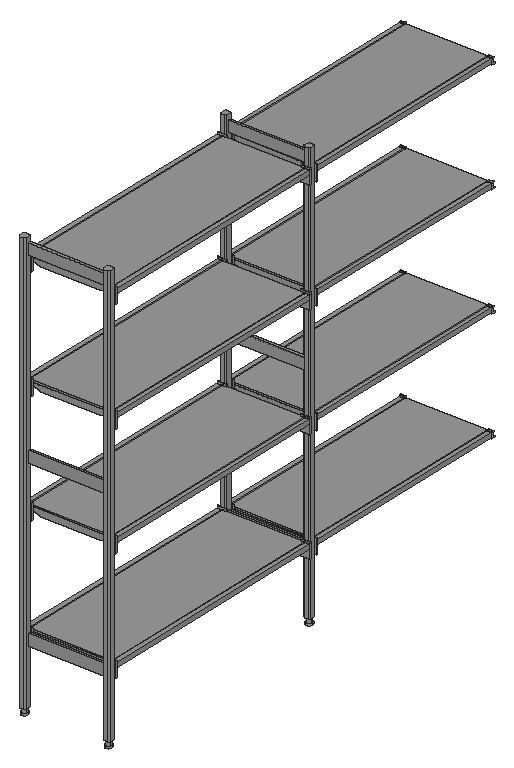
Revit family "QF_ELECTROLUXPROFESSIONAL_137063_ACS1928", category Attrezzature speciali, Revit 2020
Family settings
  Quota connettore circolare = Usa diametro
  Tipo di parte = Normale
  Basato su piano di lavoro = No
  Sempre verticale = Sì
  Taglio con vuoti quando caricato = No
  Condiviso = No
  Punto di calcolo locali = No
Parameters (values of type "Standard")
  Weight = 31.00 kg
  Watts = 0 W
  Volts = 0 V
  URL Manufacturer = "https://www.electroluxprofessional.com/"
  URL = "https://www.electroluxprofessional.com/"
  Steam Supply Size = 0 mm
  Steam Supply Minimum Pressure = 0.0 Pa
  Steam Supply Maximum Pressure = 0.0 Pa
  Steam Consumption per Hour = 0
  Refrigeration Suction Line Size = 0.0 mm
  Refrigeration Liquid Line Size = 0.0 mm
  Refrigerant Compressor Remote = yes
  Prospetto di default = 0.0 mm
  Phase = 0
  Modello = "ACS1928"
  Produttore = "Electrolux Professional"
  Length Actual = 1932.0 mm  # constant formula
  Item Number = "137063"
  Hot Water Size = 0 mm
  Height Actual = 1700.0 mm  # constant formula
  HP = "0 HP"
  Gas Size = 0 mm
  Gas KW = 0
  Gas Input Pressure = 0 W
  Direct Waste Size = 0 mm
  Descrizione = "ALUM.CORNER SHELV.-POLY.TIERS-373X1932MM"
  Depth Actual = 373.0 mm  # constant formula
  Cycle = 0 Hz
  Condensate Return Size = 0 mm
  Compressed Air Volume = 0.0 L/s
  Compressed Air Size = 0 mm
  Compressed Air Pressure = 0.0 Pa
  Cold Water Size = 0 mm
  Accessory = yes
Reference planes
  plane 1: z = 0
  plane 2 "CenterLeft": y = -535.5
  plane 3 "FRONT": y = -921.5
  plane 4 "LEFT": x = 192.5
  plane 5 "RIGHT": x = 565.5
  plane 6 "TOP": z = 1700
  plane 7: y = -889.5
  plane 8: y = 84.5
  plane 9 "Center (Left/Back)": x = 379
  plane 10: x = 205
  plane 11: x = 515
  plane 12 "FEET": z = 25
  plane 13: z = 275
  plane 14: z = 725
  plane 15: z = 1175
  plane 16: z = 1625
  plane 17 "CXLeft": y = -907.5
  plane 18 "Center (Front/Back)": y = 102.5
  plane 19 "CYFront": x = 510
  plane 20: y = 1006.5
  plane 21: y = 120.5
  plane 22 "BACK": y = 1010.5
  plane 23 "LEFT_ORIGIN": x = 158.5
  plane 24 "BACK_ORIGIN": y = 1383.5
Forms (mm)
  Extrusion 1, solid, material "QF_Aluminum"
    sketch origin (38.022, -921.5, -4.006) x (-1, 0, 0) y (0, 0, 1)
      loop
        line (-189.5, 1637.003) -> (-173.5, 1637.003) -> (-173.5, 1655) -> (-175.493, 1655) -> (-175.493, 1648.501) -> (-506.5, 1648.501) -> (-506.5, 1655) -> (-508.5, 1655) -> (-508.5, 1637.003) -> (-492.5, 1637.003) -> (-458.5, 1625) -> (-223.5, 1625) -> (-189.5, 1637.003)
      loop
        line (-189.5, 1187.003) -> (-173.5, 1187.003) -> (-173.5, 1205) -> (-175.493, 1205) -> (-175.493, 1198.501) -> (-506.5, 1198.501) -> (-506.5, 1205) -> (-508.5, 1205) -> (-508.5, 1187.003) -> (-492.5, 1187.003) -> (-458.5, 1175) -> (-223.5, 1175) -> (-189.5, 1187.003)
      loop
        line (-189.5, 737.003) -> (-173.5, 737.003) -> (-173.5, 755) -> (-175.493, 755) -> (-175.493, 748.501) -> (-506.5, 748.501) -> (-506.5, 755) -> (-508.5, 755) -> (-508.5, 737.003) -> (-492.5, 737.003) -> (-458.5, 725) -> (-223.5, 725) -> (-189.5, 737.003)
      loop
        line (-189.5, 287.003) -> (-173.5, 287.003) -> (-173.5, 305) -> (-175.493, 305) -> (-175.493, 298.501) -> (-506.5, 298.501) -> (-506.5, 305) -> (-508.5, 305) -> (-508.5, 287.003) -> (-492.5, 287.003) -> (-458.5, 275) -> (-223.5, 275) -> (-189.5, 287.003)
    from 37 to 32
  Extrusion 2, solid, material "QF_Aluminum"
    sketch origin (38.022, -921.5, 0) x (-1, 0, 0) y (0, 0, 1)
      loop
        line (-154.478, 246.005) -> (-154.478, 307.993) -> (-190.471, 307.993) -> (-190.471, 246.005) -> (-154.478, 246.005)
      loop
        line (-527.478, 246.005) -> (-491.484, 246.005) -> (-491.484, 307.993) -> (-527.478, 307.993) -> (-527.478, 246.005)
      loop
        line (-154.478, 696.005) -> (-154.478, 757.993) -> (-190.471, 757.993) -> (-190.471, 696.005) -> (-154.478, 696.005)
      loop
        line (-527.478, 696.005) -> (-491.484, 696.005) -> (-491.484, 757.993) -> (-527.478, 757.993) -> (-527.478, 696.005)
      loop
        line (-154.478, 1146.005) -> (-154.478, 1207.993) -> (-190.471, 1207.993) -> (-190.471, 1146.005) -> (-154.478, 1146.005)
      loop
        line (-527.478, 1146.005) -> (-491.484, 1146.005) -> (-491.484, 1207.993) -> (-527.478, 1207.993) -> (-527.478, 1146.005)
      loop
        line (-154.478, 1596.005) -> (-154.478, 1657.993) -> (-190.471, 1657.993) -> (-190.471, 1596.005) -> (-154.478, 1596.005)
      loop
        line (-527.478, 1596.005) -> (-491.484, 1596.005) -> (-491.484, 1657.993) -> (-527.478, 1657.993) -> (-527.478, 1596.005)
    from 28 to 32
  Extrusion 3, solid, material "QF_Aluminum"
    sketch origin (38.022, -921.5, 0) x (-1, 0, 0) y (0, 0, 1)
      loop
        line (-154.5, 1650.994) -> (-173.5, 1650.994) -> (-173.5, 1632.998) -> (-154.5, 1632.998) -> (-154.5, 1650.994)
      loop
        line (-154.5, 1200.994) -> (-173.5, 1200.994) -> (-173.5, 1182.998) -> (-154.5, 1182.998) -> (-154.5, 1200.994)
      loop
        line (-154.5, 750.994) -> (-173.5, 750.994) -> (-173.5, 732.998) -> (-154.5, 732.998) -> (-154.5, 750.994)
      loop
        line (-154.5, 300.994) -> (-173.5, 300.994) -> (-173.5, 282.998) -> (-154.5, 282.998) -> (-154.5, 300.994)
      loop
        line (-527.455, 1650.994) -> (-527.455, 1632.998) -> (-508.455, 1632.998) -> (-508.455, 1650.994) -> (-527.455, 1650.994)
      loop
        line (-527.455, 1200.994) -> (-527.455, 1182.998) -> (-508.455, 1182.998) -> (-508.455, 1200.994) -> (-527.455, 1200.994)
      loop
        line (-527.455, 750.994) -> (-527.455, 732.998) -> (-508.455, 732.998) -> (-508.455, 750.994) -> (-527.455, 750.994)
      loop
        line (-527.455, 300.994) -> (-527.455, 282.998) -> (-508.455, 282.998) -> (-508.455, 300.994) -> (-527.455, 300.994)
    from 32 to 1006
  Extrusion 4, solid, material "QF_Polyethylene"
    sketch origin (38.022, -921.5, 0) x (-1, 0, 0) y (0, 0, 1)
      loop
        line (-175.493, 1650.994) -> (-506.5, 1650.994) -> (-506.5, 1644.496) -> (-175.493, 1644.496) -> (-175.493, 1650.994)
      loop
        line (-175.493, 1200.994) -> (-506.5, 1200.994) -> (-506.5, 1194.496) -> (-175.493, 1194.496) -> (-175.493, 1200.994)
      loop
        line (-175.493, 750.994) -> (-506.5, 750.994) -> (-506.5, 744.496) -> (-175.493, 744.496) -> (-175.493, 750.994)
      loop
        line (-175.493, 300.994) -> (-506.5, 300.994) -> (-506.5, 294.496) -> (-175.493, 294.496) -> (-175.493, 300.994)
    from 32 to 1006
  Extrusion 5, solid, material "QF_Aluminum"
    sketch origin (38.022, 684.5, 0) x (-1, 0, 0) y (0, 0, 1)
      loop
        line (-154.5, 1650.994) -> (-173.5, 1650.994) -> (-173.5, 1632.998) -> (-154.5, 1632.998) -> (-154.5, 1650.994)
      loop
        line (-508.5, 1650.994) -> (-527.455, 1650.994) -> (-527.455, 1632.998) -> (-508.5, 1632.998) -> (-508.5, 1650.994)
      loop
        line (-154.5, 1200.994) -> (-173.5, 1200.994) -> (-173.5, 1182.998) -> (-154.5, 1182.998) -> (-154.5, 1200.994)
      loop
        line (-508.5, 1200.994) -> (-527.455, 1200.994) -> (-527.455, 1182.998) -> (-508.5, 1182.998) -> (-508.5, 1200.994)
      loop
        line (-154.5, 750.994) -> (-173.5, 750.994) -> (-173.5, 732.998) -> (-154.5, 732.998) -> (-154.5, 750.994)
      loop
        line (-508.5, 750.994) -> (-527.455, 750.994) -> (-527.455, 732.998) -> (-508.5, 732.998) -> (-508.5, 750.994)
      loop
        line (-154.5, 300.994) -> (-173.5, 300.994) -> (-173.5, 282.998) -> (-154.5, 282.998) -> (-154.5, 300.994)
      loop
        line (-508.5, 300.994) -> (-527.455, 300.994) -> (-527.455, 282.998) -> (-508.5, 282.998) -> (-508.5, 300.994)
    from 322 to -564
  Extrusion 6, solid, material "QF_Polyethylene"
    sketch origin (38.022, 684.5, 0) x (-1, 0, 0) y (0, 0, 1)
      loop
        line (-175.493, 1650.994) -> (-506.5, 1650.994) -> (-506.5, 1644.496) -> (-175.493, 1644.496) -> (-175.493, 1650.994)
      loop
        line (-175.493, 1200.994) -> (-506.5, 1200.994) -> (-506.5, 1194.496) -> (-175.493, 1194.496) -> (-175.493, 1200.994)
      loop
        line (-175.493, 750.994) -> (-506.5, 750.994) -> (-506.5, 744.496) -> (-175.493, 744.496) -> (-175.493, 750.994)
      loop
        line (-175.493, 300.994) -> (-506.5, 300.994) -> (-506.5, 294.496) -> (-175.493, 294.496) -> (-175.493, 300.994)
    from 322 to -564
Lines and regions (mm)
  symbolic lines
    curve 1: line (205, -912.5, 1700) -> (515, -912.5, 1700)
    curve 2: line (515, -902.5, 1700) -> (205, -902.5, 1700)
    curve 3: line (192.5, -893.5, 1700) -> (192.5, 88.5, 1700)
    curve 4: line (565.5, -889.5, 1700) -> (565.5, 84.5, 1700)
    curve 5: line (192.5, 116.5, 1700) -> (192.5, 1010.5, 1700)
    curve 6: line (565.5, 116.5, 1700) -> (565.5, 1010.5, 1700)
    curve 7: line (211.522, 1006.5, 1700) -> (510.507, 1006.5, 1700)
    curve 8: line (211.522, 84.5, 1700) -> (510.507, 84.5, 1700)
    curve 9: line (510.507, 120.5, 1700) -> (211.522, 120.5, 1700)
    curve 10: line (211.522, -889.5, 1700) -> (510.507, -889.5, 1700)
    curve 11: line (211.522, -889.5, 1700) -> (211.522, 84.5, 1700)
    curve 12: line (546.478, 84.5, 1700) -> (546.478, -889.5, 1700)
    curve 13: line (211.522, 120.5, 1700) -> (211.522, 1006.5, 1700)
    curve 14: line (546.522, 652.5, 1700) -> (546.522, -145.5, 1700)
Dimensions and locks
  plane 3 "FRONT" to plane 2 "CenterLeft" = 386.0 mm
  locked: plane 6 "TOP" to level at 1700
  locked: plane 7 to plane 8 at 974
  locked: plane 10 to plane 11 at 310
  plane 10 to plane 9 "Center (Left/Back)" to plane 11 = 174.0 mm, 136.0 mm
  equal spacing: plane 4 "LEFT", plane 9 "Center (Left/Back)", plane 5 "RIGHT"
  plane 12 "FEET" to level = 25.0 mm
  plane 6 "TOP" to plane 12 "FEET" = 1675.0 mm
  plane 13 to plane 12 "FEET" = 250.0 mm
  plane 14 to plane 13 = 450.0 mm
  plane 15 to plane 14 = 450.0 mm
  plane 16 to plane 15 = 450.0 mm
  plane 19 "CYFront" to Extrusion 1 sketch curve = 34.522 mm
  locked: plane 21 to plane 20 at 886
  locked: plane 8 to plane 18 "Center (Front/Back)" at 18
  locked: plane 18 "Center (Front/Back)" to plane 21 at 18
  locked: plane 3 "FRONT" to plane 7 at 32
  locked: plane 4 "LEFT" to plane 5 "RIGHT" at 373
  locked: plane 23 "LEFT_ORIGIN" to plane 5 "RIGHT" at 407
  locked: plane 22 "BACK" to plane 24 "BACK_ORIGIN" at 373
  locked: plane 22 "BACK" to plane 3 "FRONT" at 1932
  aligned and locked: level to plane 1
  aligned and locked: Extrusion 1 to plane 7
  aligned and locked: plane 7 to Extrusion 2
  aligned and locked: Extrusion 4 to plane 7
  aligned and locked: plane 8 to Extrusion 4
  aligned and locked: Extrusion 3 to plane 7
  aligned and locked: plane 8 to Extrusion 3
  aligned and locked: Extrusion 1 sketch curve to Extrusion 1 sketch curve  (x3)
  aligned and locked: Extrusion 4 sketch curve to Extrusion 1  (x4)
  aligned and locked: Extrusion 5 sketch curve to Extrusion 5 sketch curve  (x2)
  aligned and locked: Extrusion 5 to plane 21  (x5)
  aligned and locked: Extrusion 6 to plane 21  (x5)
  aligned and locked: nested 2 to plane 18 "Center (Front/Back)"
  aligned and locked: nested 1 to plane 17 "CXLeft"
  aligned and locked: plane 7 to Extrusion 3  (x3)
  aligned and locked: Extrusion 3 to plane 8  (x4)
  aligned and locked: Extrusion 4 to plane 8  (x4)
  aligned and locked: plane 20 to Extrusion 5
  aligned and locked: plane 20 to Extrusion 6
  aligned and locked: Extrusion 5 to plane 20  (x3)
  aligned and locked: Extrusion 6 to plane 20  (x3)
  aligned and locked: plane 9 "Center (Left/Back)" to nested 2
  aligned and locked: nested 3 to plane 22 "BACK"
Automatic sketch dimensions
  curve 1 to plane 10 = 0.0 mm
  curve 1 to plane 11 = 0.0 mm
  curve 2 to plane 10 = 0.0 mm
  curve 2 to plane 11 = 0.0 mm
  curve 3 to plane 4 "LEFT" = 0.0 mm
  plane 7 to curve 10 = 0.0 mm
  curve 4 to plane 5 "RIGHT" = 0.0 mm
  plane 7 to curve 4 = 0.0 mm
  plane 8 to curve 8 = 0.0 mm
  plane 8 to curve 4 = 0.0 mm
  curve 6 to plane 5 "RIGHT" = 0.0 mm
  curve 5 to plane 4 "LEFT" = 0.0 mm
  curve 9 to plane 21 = 0.0 mm
  plane 20 to curve 7 = 0.0 mm
  plane 7 to curve 3 = 4.0 mm
  plane 17 "CXLeft" to curve 2 = 5.0 mm
  curve 1 to plane 17 "CXLeft" = 5.0 mm
  curve 3 to plane 8 = 4.0 mm
  curve 6 to plane 21 = 4.0 mm
  curve 5 to plane 21 = 4.0 mm
  curve 6 to plane 20 = 4.0 mm
  curve 5 to plane 20 = 4.0 mm
  plane 11 to curve 10 = 4.493 mm
  plane 11 to curve 9 = 4.493 mm
  plane 11 to curve 8 = 4.493 mm
  plane 11 to curve 7 = 4.493 mm
  curve 8 to plane 10 = 6.522 mm
  curve 7 to plane 10 = 6.522 mm
  Extrusion 1 sketch curve to plane 19 "CYFront" = 36.522 mm  (x4)
  Extrusion 1 sketch curve to plane 11 = 15.522 mm  (x4)
  Extrusion 1 sketch curve to plane 13 = 4.006 mm
  Extrusion 1 sketch curve to Extrusion 1 sketch curve = 34.0 mm  (x4)
  Extrusion 1 sketch curve to plane 14 = 4.006 mm
  Extrusion 1 sketch curve to plane 15 = 4.006 mm
  Extrusion 1 sketch curve to plane 16 = 4.006 mm
  Extrusion 1 sketch curve to plane 10 = 56.522 mm  (x4)
  Extrusion 1 sketch curve to plane 10 = 22.522 mm  (x4)
  plane 13 to Extrusion 1 sketch curve = 7.998 mm  (x2)
  Extrusion 1 sketch curve to Extrusion 1 sketch curve = 11.498 mm  (x4)
  Extrusion 1 sketch curve to Extrusion 1 sketch curve = 6.499 mm  (x8)
  plane 14 to Extrusion 1 sketch curve = 7.998 mm  (x2)
  plane 15 to Extrusion 1 sketch curve = 7.998 mm  (x2)
  plane 16 to Extrusion 1 sketch curve = 7.998 mm  (x2)
  Extrusion 2 sketch curve to plane 5 "RIGHT" = 0.0 mm  (x4)
  Extrusion 2 sketch curve to plane 4 "LEFT" = 0.0 mm  (x4)
  Extrusion 2 sketch curve to plane 11 = 14.507 mm  (x4)
  Extrusion 2 sketch curve to plane 10 = 23.493 mm  (x4)
  Extrusion 2 sketch curve to plane 13 = 28.995 mm  (x2)
  plane 13 to Extrusion 2 sketch curve = 32.993 mm  (x2)
  Extrusion 2 sketch curve to plane 14 = 28.995 mm  (x2)
  plane 14 to Extrusion 2 sketch curve = 32.993 mm  (x2)
  Extrusion 2 sketch curve to plane 15 = 28.995 mm  (x2)
  plane 15 to Extrusion 2 sketch curve = 32.993 mm  (x2)
  Extrusion 2 sketch curve to plane 16 = 28.995 mm  (x2)
  plane 16 to Extrusion 2 sketch curve = 32.993 mm  (x2)
  plane 13 to Extrusion 4 sketch curve = 19.496 mm
  Extrusion 4 sketch curve to Extrusion 4 sketch curve = 6.499 mm  (x4)
  plane 14 to Extrusion 4 sketch curve = 19.496 mm
  plane 15 to Extrusion 4 sketch curve = 19.496 mm
  plane 16 to Extrusion 4 sketch curve = 19.496 mm
  plane 5 "RIGHT" to Extrusion 5 sketch curve = 0.022 mm  (x4)
  Extrusion 5 sketch curve to plane 4 "LEFT" = 19.022 mm  (x4)
  Extrusion 5 sketch curve to plane 19 "CYFront" = 36.522 mm  (x2)
  plane 13 to Extrusion 5 sketch curve = 7.998 mm  (x2)
  Extrusion 5 sketch curve to Extrusion 5 sketch curve = 17.997 mm  (x8)
  plane 14 to Extrusion 5 sketch curve = 7.998 mm  (x2)
  plane 15 to Extrusion 5 sketch curve = 7.998 mm  (x2)
  plane 16 to Extrusion 5 sketch curve = 7.998 mm  (x2)
  Extrusion 6 sketch curve to plane 19 "CYFront" = 34.522 mm  (x4)
  plane 13 to Extrusion 6 sketch curve = 19.496 mm
  Extrusion 6 sketch curve to Extrusion 6 sketch curve = 6.499 mm  (x4)
  plane 14 to Extrusion 6 sketch curve = 19.496 mm
  plane 15 to Extrusion 6 sketch curve = 19.496 mm
  plane 16 to Extrusion 6 sketch curve = 19.496 mm
  plane 5 "RIGHT" to Extrusion 3 sketch curve = 0.022 mm  (x4)
  Extrusion 3 sketch curve to Extrusion 3 sketch curve = 19.0 mm  (x4)
  plane 14 to Extrusion 3 sketch curve = 7.998 mm  (x2)
  Extrusion 3 sketch curve to plane 10 = 6.522 mm  (x4)
  Extrusion 3 sketch curve to plane 4 "LEFT" = 0.022 mm  (x4)
  plane 13 to Extrusion 3 sketch curve = 25.994 mm  (x2)
  plane 13 to Extrusion 3 sketch curve = 7.998 mm  (x2)
  Extrusion 3 sketch curve to Extrusion 3 sketch curve = 17.997 mm  (x6)
  plane 15 to Extrusion 3 sketch curve = 7.998 mm  (x2)
  plane 16 to Extrusion 3 sketch curve = 7.998 mm  (x2)
  plane 7 to curve 12 = 0.0 mm
  plane 8 to curve 12 = 0.0 mm
  curve 4 to curve 12 = 19.022 mm
  Extrusion 1 sketch curve to plane 10 = 8.516 mm  (x4)
  Extrusion 1 sketch curve to plane 10 = 6.522 mm  (x2)
  Extrusion 1 sketch curve to Extrusion 1 sketch curve = 1.993 mm  (x2)
  Extrusion 4 sketch curve to plane 10 = 8.516 mm  (x4)
  Extrusion 5 sketch curve to plane 4 "LEFT" = 0.022 mm  (x4)
  Extrusion 6 sketch curve to plane 10 = 8.516 mm  (x4)
Nested families
  nested 1: "WT_Anta373" at (215.5, -504.5, 0) x (0, 1, 0) z (0, 0, 1), type "WT_Anta373"
  nested 2: "WT_Anta373Center" at (215.5, 505.5, 0) x (0, 1, 0) z (0, 0, 1), type "WT_Anta373Center"
  nested 3: "WT_Aggancio373" at (215.5, 1418.5, 0) x (0, 1, 0) z (0, 0, 1), type "WT_Aggancio373"
Definition of nested family "WT_Anta373"
  Parameters
    WidthLeft = A + 64.0 mm  # 772.0 mm
    Width = 1606.0 mm
    Right = WidthLeft / 2  # 386.0 mm
    Default Elevation = 0.0 mm
    Left = -WidthLeft / 2  # -386.0 mm
    Height = 1725.0 mm
    FEET = 25.0 mm
    E = 0.0 mm
    Dint = Depth - 63.0 mm  # 310.0 mm
    Dext = Depth - 8.0 mm  # 365.0 mm
    Depth = 373.0 mm
    DX = (WidthLeft - A) / 2  # 32.0 mm
    B = 798.0 mm
    A = 708.0 mm
  Reference planes
    plane 1: z = 0
    plane 2 "LEFT": x = -417
    plane 3 "BACK": y = 23
    plane 4 "FRONT": y = -350
    plane 5 "TOP": z = 1725
    plane 6 "Center (Front/Back)": y = -163.5
    plane 7: y = -8.5
    plane 8: y = -318.5
    plane 9 "FEET": z = 25
    plane 10: z = 275
    plane 11: z = 725
    plane 12: z = 1175
    plane 13: z = 1625
    plane 14 "CXLeft": x = -403
    plane 15: y = 5.5
    plane 16 "CYBack": y = 5.5
    plane 17 "CYFront": y = -332.5
    plane 18: x = -385.031
    plane 19: x = -380.031
  Forms (mm)
    Extrusion 1, solid
      sketch origin (0, 0, 0) x (1, 0, 0) y (0, 1, 0)
        loop
          line (-417, 13.246) -> (-417, -2.246) -> (-410.746, -8.5) -> (-395.254, -8.5) -> (-389, -2.246) -> (-389, 13.246) -> (-395.254, 19.5) -> (-410.746, 19.5) -> (-417, 13.246)
      from 1725 to 25
    Extrusion 2, solid
      sketch origin (-417, 0, 0) x (0, 1, 0) y (0, 0, 1)
        loop
          line (23, 246.005) -> (23, 307.993) -> (-12.993, 307.993) -> (-12.993, 246.005) -> (23, 246.005)
        loop
          line (-350, 246.005) -> (-314.007, 246.005) -> (-314.007, 307.993) -> (-350, 307.993) -> (-350, 246.005)
        loop
          line (23, 696.005) -> (23, 757.993) -> (-12.993, 757.993) -> (-12.993, 696.005) -> (23, 696.005)
        loop
          line (-350, 696.005) -> (-314.007, 696.005) -> (-314.007, 757.993) -> (-350, 757.993) -> (-350, 696.005)
        loop
          line (23, 1146.005) -> (23, 1207.993) -> (-12.993, 1207.993) -> (-12.993, 1146.005) -> (23, 1146.005)
        loop
          line (-350, 1146.005) -> (-314.007, 1146.005) -> (-314.007, 1207.993) -> (-350, 1207.993) -> (-350, 1146.005)
        loop
          line (23, 1596.005) -> (23, 1657.993) -> (-12.993, 1657.993) -> (-12.993, 1596.005) -> (23, 1596.005)
        loop
          line (-350, 1596.005) -> (-314.007, 1596.005) -> (-314.007, 1657.993) -> (-350, 1657.993) -> (-350, 1596.005)
      from 28 to 32
    Revolve 3, solid
      sketch origin (-403, 0, 0) x (0, 1, 0) y (0, 0, 1)
        loop
          line (5.5, 25) -> (5.5, 0) -> (19, 0) -> (19, 5) -> (14, 5) -> (14, 25) -> (5.5, 25)
        axis (5.5, 25) -> (5.5, 0)
      angle from 0 to 360
    Extrusion 4, solid
      sketch origin (-403, 0, 0) x (0, 1, 0) y (0, 0, 1)
        loop
          line (-8.5, 912.382) -> (-8.5, 957.374) -> (-318.5, 957.374) -> (-318.5, 912.382) -> (-8.5, 912.382)
        loop
          line (-8.5, 1662.244) -> (-8.5, 1707.236) -> (-318.5, 1707.236) -> (-318.5, 1662.244) -> (-8.5, 1662.244)
      from -5 to 5
    Revolve 5, solid
      sketch origin (-403, -627, 0) x (0, -1, 0) y (0, 0, 1)
        loop
          line (-294.5, 25) -> (-294.5, 0) -> (-281, 0) -> (-281, 5) -> (-286, 5) -> (-286, 25) -> (-294.5, 25)
        axis (-294.5, 25) -> (-294.5, 0)
      angle from 0 to 360
    Extrusion 6, solid
      sketch origin (0, -627, 0) x (1, 0, 0) y (0, 1, 0)
        loop
          line (-417, 286.754) -> (-410.746, 280.5) -> (-395.254, 280.5) -> (-389, 286.754) -> (-389, 302.246) -> (-395.254, 308.5) -> (-410.746, 308.5) -> (-417, 302.246) -> (-417, 286.754)
      from 1725 to 25
    Extrusion 7, solid
      sketch origin (-417.031, -0.022, 0) x (0, 1, 0) y (0, 0, -1)
        loop
          line (-12, -1632.998) -> (-46, -1620.994) -> (-281, -1620.994) -> (-315, -1632.998) -> (-331, -1632.998) -> (-331, -1650.994) -> (-329, -1650.994) -> (-329, -1644.496) -> (2.007, -1644.496) -> (2.007, -1650.994) -> (4, -1650.994) -> (4, -1632.998) -> (-12, -1632.998)
        loop
          line (-12, -1182.998) -> (-46, -1170.994) -> (-281, -1170.994) -> (-315, -1182.998) -> (-331, -1182.998) -> (-331, -1200.994) -> (-329, -1200.994) -> (-329, -1194.496) -> (2.007, -1194.496) -> (2.007, -1200.994) -> (4, -1200.994) -> (4, -1182.998) -> (-12, -1182.998)
        loop
          line (-12, -732.998) -> (-46, -720.994) -> (-281, -720.994) -> (-315, -732.998) -> (-331, -732.998) -> (-331, -750.994) -> (-329, -750.994) -> (-329, -744.496) -> (2.007, -744.496) -> (2.007, -750.994) -> (4, -750.994) -> (4, -732.998) -> (-12, -732.998)
        loop
          line (-12, -282.998) -> (-46, -270.994) -> (-281, -270.994) -> (-315, -282.998) -> (-331, -282.998) -> (-331, -300.994) -> (-329, -300.994) -> (-329, -294.496) -> (2.007, -294.496) -> (2.007, -300.994) -> (4, -300.994) -> (4, -282.998) -> (-12, -282.998)
      from -32 to -37
    Extrusion 8, solid
      sketch origin (-403, 0, -659.878) x (0, 1, 0) y (0, 0, 1)
        loop
          line (-8.5, 912.382) -> (-8.5, 957.374) -> (-318.5, 957.374) -> (-318.5, 912.382) -> (-8.5, 912.382)
        loop
          line (-8.5, 1572.382) -> (-8.5, 1617.374) -> (-318.5, 1617.374) -> (-318.5, 1572.382) -> (-8.5, 1572.382)
        loop
          line (-8.5, 2322.382) -> (-8.5, 2367.374) -> (-318.5, 2367.374) -> (-318.5, 2322.382) -> (-8.5, 2322.382)
      from -5 to 5
  Lines and regions (mm)
    symbolic lines
      curve 1: line (-408, -8.5, 1725) -> (-408, -318.5, 1725)
      curve 2: line (-398, -318.5, 1725) -> (-398, -8.5, 1725)
      curve 3: line (-395.254, -8.5, 1725) -> (-410.746, -8.5, 1725)
      curve 4: line (-417, -2.246, 1725) -> (-410.746, -8.5, 1725)
      curve 5: line (-417, 13.246, 1725) -> (-417, -2.246, 1725)
      curve 6: line (-410.746, 19.5, 1725) -> (-417, 13.246, 1725)
      curve 7: line (-395.254, 19.5, 1725) -> (-410.746, 19.5, 1725)
      curve 8: line (-389, 13.246, 1725) -> (-395.254, 19.5, 1725)
      curve 9: line (-395.254, -8.5, 1725) -> (-389, -2.246, 1725)
      curve 10: line (-395.254, -318.5, 1725) -> (-410.746, -318.5, 1725)
      curve 11: line (-417, -324.754, 1725) -> (-410.746, -318.5, 1725)
      curve 12: line (-410.746, -346.5, 1725) -> (-417, -340.246, 1725)
      curve 13: line (-395.254, -346.5, 1725) -> (-410.746, -346.5, 1725)
      curve 14: line (-389, -340.246, 1725) -> (-395.254, -346.5, 1725)
      curve 15: line (-395.254, -318.5, 1725) -> (-389, -324.754, 1725)
      curve 16: line (-389, -350, 1725) -> (-389, -314.007, 1725)
      curve 17: line (-389, -314.007, 1725) -> (-385, -314.007, 1725)
      curve 18: line (-389, 23, 1725) -> (-389, -12.993, 1725)
      curve 19: line (-389, -12.993, 1725) -> (-385, -12.993, 1725)
      curve 20: line (-417, -324.754, 1725) -> (-417, -340.246, 1725)
      curve 21: line (-385, -350, 1725) -> (-385, -314.007, 1725)
      curve 22: line (-385, -350, 1725) -> (-389, -350, 1725)
      curve 23: line (-385, 23, 1725) -> (-389, 23, 1725)
      curve 24: line (-385, -12.993, 1725) -> (-385, 23, 1725)
      curve 25: line (-385.031, -13.016, 1725) -> (-385.031, -314.029, 1725)
  Dimensions and locks
    "Height": plane 5 "TOP" to level
    "Depth": plane 3 "BACK" to plane 4 "FRONT"
    "Dint": plane 7 to plane 8
    equal spacing: plane 7, plane 6 "Center (Front/Back)", plane 8
    equal spacing: plane 3 "BACK", plane 6 "Center (Front/Back)", plane 4 "FRONT"
    plane 9 "FEET" to level = 25.0 mm
    plane 5 "TOP" to plane 9 "FEET" = 1700.0 mm
    plane 10 to plane 9 "FEET" = 250.0 mm
    plane 11 to plane 10 = 450.0 mm
    plane 12 to plane 11 = 450.0 mm
    plane 13 to plane 12 = 450.0 mm
    locked: plane 2 "LEFT" to plane 14 "CXLeft" at 14
    locked: plane 3 "BACK" to plane 16 "CYBack" at 17.5
    locked: plane 17 "CYFront" to plane 4 "FRONT" at 17.5
    locked: Revolve 3 sketch curve to Revolve 3 sketch curve at 8.5
    locked: Revolve 3 sketch curve to plane 16 "CYBack" at 13.5
    locked: Revolve 5 sketch curve to Revolve 5 sketch curve at 8.5
    aligned and locked: level to plane 1
    aligned and locked: curve 20 to Extrusion 6
    aligned and locked: plane 5 "TOP" to Extrusion 1
    aligned and locked: plane 5 "TOP" to Extrusion 6
    aligned and locked: Extrusion 7 sketch curve to Extrusion 7 sketch curve  (x3)
  Automatic sketch dimensions
    curve 16 to plane 4 "FRONT" = 0.0 mm
    curve 11 to plane 8 = 0.0 mm
    curve 9 to plane 7 = 0.0 mm
    curve 5 to plane 2 "LEFT" = 0.0 mm
    curve 23 to plane 3 "BACK" = 0.0 mm
    plane 4 "FRONT" to curve 13 = 3.5 mm
    curve 20 to plane 17 "CYFront" = 7.746 mm
    curve 20 to plane 8 = 6.254 mm
    plane 8 to curve 16 = 4.493 mm
    curve 24 to plane 18 = 0.031 mm
    curve 24 to plane 7 = 4.493 mm
    plane 7 to curve 5 = 6.254 mm
    curve 5 to plane 15 = 7.746 mm
    curve 6 to plane 3 "BACK" = 3.5 mm
    curve 21 to plane 18 = 0.031 mm
    plane 18 to curve 23 = 3.969 mm
    plane 18 to curve 16 = 3.969 mm
    curve 18 to curve 8 = 6.254 mm
    curve 18 to curve 3 = 6.254 mm
    curve 16 to curve 13 = 6.254 mm
    curve 16 to curve 15 = 6.254 mm
    plane 2 "LEFT" to curve 10 = 6.254 mm
    plane 2 "LEFT" to curve 7 = 6.254 mm
    plane 2 "LEFT" to curve 12 = 6.254 mm
    plane 2 "LEFT" to curve 3 = 6.254 mm
    curve 14 to plane 17 "CYFront" = 7.746 mm
    curve 15 to plane 8 = 6.254 mm
    plane 7 to curve 9 = 6.254 mm
    curve 8 to plane 15 = 7.746 mm
    curve 3 to curve 2 = 2.746 mm
    curve 1 to curve 10 = 2.746 mm
    Extrusion 1 sketch curve to plane 2 "LEFT" = 0.0 mm
    Extrusion 1 sketch curve to plane 7 = 0.0 mm
    plane 2 "LEFT" to Extrusion 1 sketch curve = 6.254 mm  (x2)
    plane 14 "CXLeft" to Extrusion 1 sketch curve = 7.746 mm  (x2)
    Extrusion 1 sketch curve to plane 3 "BACK" = 3.5 mm
    plane 18 to Extrusion 1 sketch curve = 3.969 mm
    plane 7 to Extrusion 1 sketch curve = 6.254 mm  (x2)
    Extrusion 1 sketch curve to plane 15 = 7.746 mm  (x2)
    Extrusion 2 sketch curve to plane 4 "FRONT" = 0.0 mm  (x4)
    Extrusion 2 sketch curve to plane 3 "BACK" = 0.0 mm  (x4)
    plane 8 to Extrusion 2 sketch curve = 4.493 mm  (x4)
    Extrusion 2 sketch curve to plane 7 = 4.493 mm  (x4)
    Extrusion 2 sketch curve to plane 10 = 28.995 mm  (x2)
    plane 10 to Extrusion 2 sketch curve = 32.993 mm  (x2)
    Extrusion 2 sketch curve to plane 11 = 28.995 mm  (x2)
    plane 11 to Extrusion 2 sketch curve = 32.993 mm  (x2)
    Extrusion 2 sketch curve to plane 12 = 28.995 mm  (x2)
    plane 12 to Extrusion 2 sketch curve = 32.993 mm  (x2)
    Extrusion 2 sketch curve to plane 13 = 28.995 mm  (x2)
    plane 13 to Extrusion 2 sketch curve = 32.993 mm  (x2)
    Revolve 3 sketch curve to plane 9 "FEET" = 0.0 mm  (x2)
    Revolve 3 sketch curve to plane 15 = 0.0 mm  (x2)
    Revolve 3 sketch curve to level = 0.0 mm
    level to Revolve 3 sketch curve = 5.0 mm
    Revolve 3 sketch curve to Revolve 3 sketch curve = 11.655 mm
    Extrusion 4 sketch curve to plane 8 = 0.0 mm  (x2)
    Extrusion 4 sketch curve to plane 7 = 0.0 mm  (x2)
    plane 11 to Extrusion 4 sketch curve = 187.382 mm
    Extrusion 4 sketch curve to Extrusion 4 sketch curve = 44.992 mm
    plane 13 to Extrusion 4 sketch curve = 37.244 mm
    Extrusion 4 sketch curve to plane 5 "TOP" = 17.764 mm
    Revolve 5 sketch curve to plane 9 "FEET" = 0.0 mm  (x2)
    Revolve 5 sketch curve to plane 17 "CYFront" = 0.0 mm  (x2)
    Revolve 5 sketch curve to level = 0.0 mm
    Revolve 5 sketch curve to plane 4 "FRONT" = 4.0 mm
    Revolve 5 sketch curve to Revolve 5 sketch curve = 5.0 mm
    level to Revolve 5 sketch curve = 11.655 mm
    Extrusion 6 sketch curve to plane 2 "LEFT" = 0.0 mm
    Extrusion 6 sketch curve to plane 8 = 0.0 mm
    Extrusion 6 sketch curve to plane 2 "LEFT" = 6.254 mm  (x2)
    Extrusion 6 sketch curve to plane 14 "CXLeft" = 7.746 mm  (x2)
    Extrusion 6 sketch curve to plane 4 "FRONT" = 3.5 mm
    Extrusion 6 sketch curve to plane 18 = 3.969 mm
    plane 8 to Extrusion 6 sketch curve = 6.254 mm  (x2)
    plane 17 "CYFront" to Extrusion 6 sketch curve = 7.746 mm  (x2)
    plane 17 "CYFront" to Extrusion 7 sketch curve = 1.478 mm  (x4)
    Extrusion 7 sketch curve to Extrusion 7 sketch curve = 2.0 mm
    plane 8 to Extrusion 7 sketch curve = 3.478 mm  (x4)
    Extrusion 7 sketch curve to plane 10 = 4.006 mm
    Extrusion 7 sketch curve to Extrusion 7 sketch curve = 34.0 mm  (x4)
    Extrusion 7 sketch curve to plane 11 = 4.006 mm
    Extrusion 7 sketch curve to plane 12 = 4.006 mm
    Extrusion 7 sketch curve to plane 13 = 4.006 mm
    Extrusion 7 sketch curve to plane 7 = 37.522 mm  (x4)
    Extrusion 7 sketch curve to plane 7 = 3.522 mm  (x4)
    plane 15 to Extrusion 7 sketch curve = 3.516 mm  (x4)
    plane 15 to Extrusion 7 sketch curve = 1.522 mm  (x4)
    plane 13 to Extrusion 7 sketch curve = 7.998 mm  (x2)
    Extrusion 7 sketch curve to Extrusion 7 sketch curve = 11.498 mm
    Extrusion 7 sketch curve to Extrusion 7 sketch curve = 6.499 mm  (x5)
    plane 12 to Extrusion 7 sketch curve = 25.994 mm  (x2)
    plane 12 to Extrusion 7 sketch curve = 7.998 mm  (x2)
    plane 11 to Extrusion 7 sketch curve = 25.994 mm  (x2)
    plane 11 to Extrusion 7 sketch curve = 7.998 mm  (x2)
    plane 10 to Extrusion 7 sketch curve = 25.994 mm  (x2)
    plane 10 to Extrusion 7 sketch curve = 7.998 mm  (x2)
    curve 25 to plane 18 = 0.0 mm
    plane 8 to curve 25 = 4.471 mm
    curve 25 to plane 7 = 4.516 mm
    Extrusion 8 sketch curve to plane 8 = 0.0 mm  (x3)
    Extrusion 8 sketch curve to plane 7 = 0.0 mm  (x3)
    Extrusion 8 sketch curve to plane 10 = 22.496 mm
    plane 10 to Extrusion 8 sketch curve = 22.496 mm
    plane 11 to Extrusion 8 sketch curve = 187.504 mm
    Extrusion 8 sketch curve to Extrusion 8 sketch curve = 44.992 mm
    plane 13 to Extrusion 8 sketch curve = 37.504 mm
    Extrusion 8 sketch curve to plane 5 "TOP" = 17.504 mm
Definition of nested family "WT_Anta373Center"
  Parameters
    WidthLeft = A + 64.0 mm  # 772.0 mm
    Width = 1606.0 mm
    Right = WidthLeft / 2  # 386.0 mm
    Default Elevation = 0.0 mm
    Left = -WidthLeft / 2  # -386.0 mm
    Height = 1725.0 mm
    FEET = 25.0 mm
    E = 0.0 mm
    Dint = Depth - 63.0 mm  # 310.0 mm
    Dext = Depth - 8.0 mm  # 365.0 mm
    Depth = 373.0 mm
    DX = (WidthLeft - A) / 2  # 32.0 mm
    B = 798.0 mm
    A = 708.0 mm
  Reference planes
    plane 1: z = 0
    plane 2 "L": x = -417
    plane 3 "BACK": y = 23
    plane 4 "FRONT": y = -350
    plane 5 "TOP": z = 1725
    plane 6 "Center (Front/Back)": y = -163.5
    plane 7: y = -8.5
    plane 8: y = -318.5
    plane 9 "FEET": z = 25
    plane 10: z = 275
    plane 11: z = 725
    plane 12: z = 1175
    plane 13: z = 1625
    plane 14 "CXLeft": x = -403
    plane 15: y = 5.5
    plane 16 "CYBack": y = 5.5
    plane 17 "CYFront": y = -332.5
    plane 18: x = -385.031
    plane 19 "RIGHT": x = -380.031
    plane 20: x = -420.969
    plane 21 "LEFT": x = -425.969
  Forms (mm)
    Extrusion 1, solid
      sketch origin (0, 0, 0) x (1, 0, 0) y (0, 1, 0)
        loop
          line (-417, 13.246) -> (-417, -2.246) -> (-410.746, -8.5) -> (-395.254, -8.5) -> (-389, -2.246) -> (-389, 13.246) -> (-395.254, 19.5) -> (-410.746, 19.5) -> (-417, 13.246)
      from 1725 to 25
    Extrusion 2, solid
      sketch origin (-417, 0, 0) x (0, 1, 0) y (0, 0, 1)
        loop
          line (23, 246.005) -> (23, 307.993) -> (-12.993, 307.993) -> (-12.993, 246.005) -> (23, 246.005)
        loop
          line (-350, 246.005) -> (-314.007, 246.005) -> (-314.007, 307.993) -> (-350, 307.993) -> (-350, 246.005)
        loop
          line (23, 696.005) -> (23, 757.993) -> (-12.993, 757.993) -> (-12.993, 696.005) -> (23, 696.005)
        loop
          line (-350, 696.005) -> (-314.007, 696.005) -> (-314.007, 757.993) -> (-350, 757.993) -> (-350, 696.005)
        loop
          line (23, 1146.005) -> (23, 1207.993) -> (-12.993, 1207.993) -> (-12.993, 1146.005) -> (23, 1146.005)
        loop
          line (-350, 1146.005) -> (-314.007, 1146.005) -> (-314.007, 1207.993) -> (-350, 1207.993) -> (-350, 1146.005)
        loop
          line (23, 1596.005) -> (23, 1657.993) -> (-12.993, 1657.993) -> (-12.993, 1596.005) -> (23, 1596.005)
        loop
          line (-350, 1596.005) -> (-314.007, 1596.005) -> (-314.007, 1657.993) -> (-350, 1657.993) -> (-350, 1596.005)
      from 28 to 32
    Revolve 3, solid
      sketch origin (-403, 0, 0) x (0, 1, 0) y (0, 0, 1)
        loop
          line (5.5, 25) -> (5.5, 0) -> (19, 0) -> (19, 5) -> (14, 5) -> (14, 25) -> (5.5, 25)
        axis (5.5, 25) -> (5.5, 0)
      angle from 0 to 360
    Extrusion 4, solid
      sketch origin (-403, 0, 0) x (0, 1, 0) y (0, 0, 1)
        loop
          line (-8.5, 912.382) -> (-8.5, 957.374) -> (-318.5, 957.374) -> (-318.5, 912.382) -> (-8.5, 912.382)
        loop
          line (-8.5, 1662.244) -> (-8.5, 1707.236) -> (-318.5, 1707.236) -> (-318.5, 1662.244) -> (-8.5, 1662.244)
      from -5 to 5
    Revolve 5, solid
      sketch origin (-403, -627, 0) x (0, -1, 0) y (0, 0, 1)
        loop
          line (-294.5, 25) -> (-294.5, 0) -> (-281, 0) -> (-281, 5) -> (-286, 5) -> (-286, 25) -> (-294.5, 25)
        axis (-294.5, 25) -> (-294.5, 0)
      angle from 0 to 360
    Extrusion 6, solid
      sketch origin (0, -627, 0) x (1, 0, 0) y (0, 1, 0)
        loop
          line (-417, 286.754) -> (-410.746, 280.5) -> (-395.254, 280.5) -> (-389, 286.754) -> (-389, 302.246) -> (-395.254, 308.5) -> (-410.746, 308.5) -> (-417, 302.246) -> (-417, 286.754)
      from 1725 to 25
    Extrusion 7, solid
      sketch origin (-417.031, -0.022, 0) x (0, 1, 0) y (0, 0, -1)
        loop
          line (-12, -1632.998) -> (-46, -1620.994) -> (-281, -1620.994) -> (-315, -1632.998) -> (-331, -1632.998) -> (-331, -1650.994) -> (-329, -1650.994) -> (-329, -1644.496) -> (2.007, -1644.496) -> (2.007, -1650.994) -> (4, -1650.994) -> (4, -1632.998) -> (-12, -1632.998)
        loop
          line (-12, -1182.998) -> (-46, -1170.994) -> (-281, -1170.994) -> (-315, -1182.998) -> (-331, -1182.998) -> (-331, -1200.994) -> (-329, -1200.994) -> (-329, -1194.496) -> (2.007, -1194.496) -> (2.007, -1200.994) -> (4, -1200.994) -> (4, -1182.998) -> (-12, -1182.998)
        loop
          line (-12, -732.998) -> (-46, -720.994) -> (-281, -720.994) -> (-315, -732.998) -> (-331, -732.998) -> (-331, -750.994) -> (-329, -750.994) -> (-329, -744.496) -> (2.007, -744.496) -> (2.007, -750.994) -> (4, -750.994) -> (4, -732.998) -> (-12, -732.998)
        loop
          line (-12, -282.998) -> (-46, -270.994) -> (-281, -270.994) -> (-315, -282.998) -> (-331, -282.998) -> (-331, -300.994) -> (-329, -300.994) -> (-329, -294.496) -> (2.007, -294.496) -> (2.007, -300.994) -> (4, -300.994) -> (4, -282.998) -> (-12, -282.998)
      from -32 to -37
    Extrusion 8, solid
      sketch origin (-403, 0, -659.878) x (0, 1, 0) y (0, 0, 1)
        loop
          line (-8.5, 912.382) -> (-8.5, 957.374) -> (-318.5, 957.374) -> (-318.5, 912.382) -> (-8.5, 912.382)
        loop
          line (-8.5, 1572.382) -> (-8.5, 1617.374) -> (-318.5, 1617.374) -> (-318.5, 1572.382) -> (-8.5, 1572.382)
        loop
          line (-8.5, 2322.382) -> (-8.5, 2367.374) -> (-318.5, 2367.374) -> (-318.5, 2322.382) -> (-8.5, 2322.382)
      from -5 to 5
    Extrusion 9, solid
      sketch origin (-389, 0, 0) x (0, 1, 0) y (0, 0, -1)
        loop
          line (23, -246.005) -> (-12.993, -246.005) -> (-12.993, -307.993) -> (23, -307.993) -> (23, -246.005)
        loop
          line (-350, -246.005) -> (-350, -307.993) -> (-314.007, -307.993) -> (-314.007, -246.005) -> (-350, -246.005)
        loop
          line (23, -696.005) -> (-12.993, -696.005) -> (-12.993, -757.993) -> (23, -757.993) -> (23, -696.005)
        loop
          line (-350, -696.005) -> (-350, -757.993) -> (-314.007, -757.993) -> (-314.007, -696.005) -> (-350, -696.005)
        loop
          line (23, -1146.005) -> (-12.993, -1146.005) -> (-12.993, -1207.993) -> (23, -1207.993) -> (23, -1146.005)
        loop
          line (-350, -1146.005) -> (-350, -1207.993) -> (-314.007, -1207.993) -> (-314.007, -1146.005) -> (-350, -1146.005)
        loop
          line (23, -1596.005) -> (-12.993, -1596.005) -> (-12.993, -1657.993) -> (23, -1657.993) -> (23, -1596.005)
        loop
          line (-350, -1596.005) -> (-350, -1657.993) -> (-314.007, -1657.993) -> (-314.007, -1596.005) -> (-350, -1596.005)
      from 28 to 32
    Extrusion 10, solid
      sketch origin (-388.969, -0.022, 0) x (0, 1, 0) y (0, 0, 1)
        loop
          line (-12, 1632.998) -> (4, 1632.998) -> (4, 1650.994) -> (2.007, 1650.994) -> (2.007, 1644.496) -> (-329, 1644.496) -> (-329, 1650.994) -> (-331, 1650.994) -> (-331, 1632.998) -> (-315, 1632.998) -> (-281, 1620.994) -> (-46, 1620.994) -> (-12, 1632.998)
        loop
          line (-12, 1182.998) -> (4, 1182.998) -> (4, 1200.994) -> (2.007, 1200.994) -> (2.007, 1194.496) -> (-329, 1194.496) -> (-329, 1200.994) -> (-331, 1200.994) -> (-331, 1182.998) -> (-315, 1182.998) -> (-281, 1170.994) -> (-46, 1170.994) -> (-12, 1182.998)
        loop
          line (-12, 732.998) -> (4, 732.998) -> (4, 750.994) -> (2.007, 750.994) -> (2.007, 744.496) -> (-329, 744.496) -> (-329, 750.994) -> (-331, 750.994) -> (-331, 732.998) -> (-315, 732.998) -> (-281, 720.994) -> (-46, 720.994) -> (-12, 732.998)
        loop
          line (-12, 282.998) -> (4, 282.998) -> (4, 300.994) -> (2.007, 300.994) -> (2.007, 294.496) -> (-329, 294.496) -> (-329, 300.994) -> (-331, 300.994) -> (-331, 282.998) -> (-315, 282.998) -> (-281, 270.994) -> (-46, 270.994) -> (-12, 282.998)
      from -32 to -37
  Lines and regions (mm)
    symbolic lines
      curve 1: line (-408, -8.5, 1725) -> (-408, -318.5, 1725)
      curve 2: line (-398, -318.5, 1725) -> (-398, -8.5, 1725)
      curve 3: line (-395.254, -8.5, 1725) -> (-410.746, -8.5, 1725)
      curve 4: line (-417, -2.246, 1725) -> (-410.746, -8.5, 1725)
      curve 5: line (-410.746, 19.5, 1725) -> (-417, 13.246, 1725)
      curve 6: line (-395.254, 19.5, 1725) -> (-410.746, 19.5, 1725)
      curve 7: line (-389, 13.246, 1725) -> (-395.254, 19.5, 1725)
      curve 8: line (-395.254, -8.5, 1725) -> (-389, -2.246, 1725)
      curve 9: line (-395.254, -318.5, 1725) -> (-410.746, -318.5, 1725)
      curve 10: line (-417, -324.754, 1725) -> (-410.746, -318.5, 1725)
      curve 11: line (-410.746, -346.5, 1725) -> (-417, -340.246, 1725)
      curve 12: line (-395.254, -346.5, 1725) -> (-410.746, -346.5, 1725)
      curve 13: line (-389, -340.246, 1725) -> (-395.254, -346.5, 1725)
      curve 14: line (-395.254, -318.5, 1725) -> (-389, -324.754, 1725)
      curve 15: line (-389, -350, 1725) -> (-389, -314.007, 1725)
      curve 16: line (-389, -314.007, 1725) -> (-385, -314.007, 1725)
      curve 17: line (-389, 23, 1725) -> (-389, -12.993, 1725)
      curve 18: line (-389, -12.993, 1725) -> (-385, -12.993, 1725)
      curve 19: line (-385, -350, 1725) -> (-385, -314.007, 1725)
      curve 20: line (-385, -350, 1725) -> (-389, -350, 1725)
      curve 21: line (-385, 23, 1725) -> (-389, 23, 1725)
      curve 22: line (-385, -12.993, 1725) -> (-385, 23, 1725)
      curve 23: line (-385.031, -13.016, 1725) -> (-385.031, -314.029, 1725)
      curve 24: line (-417, -350, 1725) -> (-417, -314.007, 1725)
      curve 25: line (-417, -314.007, 1725) -> (-421, -314.007, 1725)
      curve 26: line (-417, 23, 1725) -> (-417, -12.993, 1725)
      curve 27: line (-417, -12.993, 1725) -> (-421, -12.993, 1725)
      curve 28: line (-421, -350, 1725) -> (-421, -314.007, 1725)
      curve 29: line (-421, -350, 1725) -> (-417, -350, 1725)
      curve 30: line (-421, 23, 1725) -> (-417, 23, 1725)
      curve 31: line (-421, -12.993, 1725) -> (-421, 23, 1725)
      curve 32: line (-420.969, -13.016, 1725) -> (-420.969, -314.029, 1725)
  Dimensions and locks
    "Height": plane 5 "TOP" to level
    "Depth": plane 3 "BACK" to plane 4 "FRONT"
    "Dint": plane 7 to plane 8
    equal spacing: plane 7, plane 6 "Center (Front/Back)", plane 8
    equal spacing: plane 3 "BACK", plane 6 "Center (Front/Back)", plane 4 "FRONT"
    plane 9 "FEET" to level = 25.0 mm
    plane 5 "TOP" to plane 9 "FEET" = 1700.0 mm
    plane 10 to plane 9 "FEET" = 250.0 mm
    plane 11 to plane 10 = 450.0 mm
    plane 12 to plane 11 = 450.0 mm
    plane 13 to plane 12 = 450.0 mm
    locked: plane 3 "BACK" to plane 16 "CYBack" at 17.5
    locked: plane 17 "CYFront" to plane 4 "FRONT" at 17.5
    locked: Revolve 3 sketch curve to Revolve 3 sketch curve at 8.5
    locked: Revolve 3 sketch curve to plane 16 "CYBack" at 13.5
    locked: Revolve 5 sketch curve to Revolve 5 sketch curve at 8.5
    aligned and locked: level to plane 1
    aligned and locked: plane 5 "TOP" to Extrusion 1
    aligned and locked: plane 5 "TOP" to Extrusion 6
    aligned and locked: Extrusion 7 sketch curve to Extrusion 7 sketch curve  (x3)
    aligned and locked: Extrusion 10 sketch curve to Extrusion 10 sketch curve  (x3)
  Automatic sketch dimensions
    curve 15 to plane 4 "FRONT" = 0.0 mm
    curve 28 to plane 4 "FRONT" = 0.0 mm
    curve 9 to plane 8 = 0.0 mm
    curve 25 to plane 2 "L" = 0.0 mm
    curve 8 to plane 7 = 0.0 mm
    curve 17 to plane 3 "BACK" = 0.0 mm
    curve 30 to plane 3 "BACK" = 0.0 mm
    plane 4 "FRONT" to curve 11 = 3.5 mm
    curve 19 to plane 18 = 0.031 mm
    plane 8 to curve 19 = 4.493 mm
    plane 8 to curve 25 = 4.493 mm
    curve 27 to plane 20 = 0.031 mm
    curve 27 to plane 7 = 4.493 mm
    curve 17 to plane 7 = 4.493 mm
    curve 5 to plane 15 = 7.746 mm
    curve 7 to plane 3 "BACK" = 3.5 mm
    curve 18 to plane 18 = 0.031 mm
    plane 18 to curve 21 = 3.969 mm
    plane 18 to curve 20 = 3.969 mm
    curve 15 to curve 9 = 6.254 mm
    curve 17 to curve 7 = 6.254 mm
    curve 17 to curve 3 = 6.254 mm
    curve 15 to curve 12 = 6.254 mm
    plane 2 "L" to curve 12 = 6.254 mm
    plane 2 "L" to curve 4 = 6.254 mm
    plane 2 "L" to curve 10 = 6.254 mm
    plane 2 "L" to curve 5 = 6.254 mm
    curve 28 to plane 20 = 0.031 mm
    curve 13 to plane 17 "CYFront" = 7.746 mm
    curve 14 to plane 8 = 6.254 mm
    plane 7 to curve 8 = 6.254 mm
    curve 7 to plane 15 = 7.746 mm
    curve 9 to curve 2 = 2.746 mm
    curve 1 to curve 9 = 2.746 mm
    Extrusion 1 sketch curve to plane 2 "L" = 0.0 mm
    Extrusion 1 sketch curve to plane 7 = 0.0 mm
    plane 2 "L" to Extrusion 1 sketch curve = 6.254 mm  (x2)
    plane 14 "CXLeft" to Extrusion 1 sketch curve = 7.746 mm  (x2)
    Extrusion 1 sketch curve to plane 3 "BACK" = 3.5 mm
    plane 18 to Extrusion 1 sketch curve = 3.969 mm
    plane 7 to Extrusion 1 sketch curve = 6.254 mm  (x2)
    Extrusion 1 sketch curve to plane 15 = 7.746 mm  (x2)
    Extrusion 2 sketch curve to plane 4 "FRONT" = 0.0 mm  (x4)
    Extrusion 2 sketch curve to plane 3 "BACK" = 0.0 mm  (x4)
    plane 8 to Extrusion 2 sketch curve = 4.493 mm  (x4)
    Extrusion 2 sketch curve to plane 7 = 4.493 mm  (x4)
    Extrusion 2 sketch curve to plane 10 = 28.995 mm  (x2)
    plane 10 to Extrusion 2 sketch curve = 32.993 mm  (x2)
    Extrusion 2 sketch curve to plane 11 = 28.995 mm  (x2)
    plane 11 to Extrusion 2 sketch curve = 32.993 mm  (x2)
    Extrusion 2 sketch curve to plane 12 = 28.995 mm  (x2)
    plane 12 to Extrusion 2 sketch curve = 32.993 mm  (x2)
    Extrusion 2 sketch curve to plane 13 = 28.995 mm  (x2)
    plane 13 to Extrusion 2 sketch curve = 32.993 mm  (x2)
    Revolve 3 sketch curve to plane 9 "FEET" = 0.0 mm  (x2)
    Revolve 3 sketch curve to plane 15 = 0.0 mm  (x2)
    Revolve 3 sketch curve to level = 0.0 mm
    level to Revolve 3 sketch curve = 5.0 mm
    Revolve 3 sketch curve to Revolve 3 sketch curve = 11.655 mm
    Extrusion 4 sketch curve to plane 8 = 0.0 mm  (x2)
    Extrusion 4 sketch curve to plane 7 = 0.0 mm  (x2)
    plane 11 to Extrusion 4 sketch curve = 187.382 mm
    Extrusion 4 sketch curve to Extrusion 4 sketch curve = 44.992 mm
    plane 13 to Extrusion 4 sketch curve = 37.244 mm
    Extrusion 4 sketch curve to plane 5 "TOP" = 17.764 mm
    Revolve 5 sketch curve to plane 9 "FEET" = 0.0 mm  (x2)
    Revolve 5 sketch curve to plane 17 "CYFront" = 0.0 mm  (x2)
    Revolve 5 sketch curve to level = 0.0 mm
    Revolve 5 sketch curve to plane 4 "FRONT" = 4.0 mm
    Revolve 5 sketch curve to Revolve 5 sketch curve = 5.0 mm
    level to Revolve 5 sketch curve = 11.655 mm
    Extrusion 6 sketch curve to plane 2 "L" = 0.0 mm
    Extrusion 6 sketch curve to plane 8 = 0.0 mm
    Extrusion 6 sketch curve to plane 2 "L" = 6.254 mm  (x2)
    Extrusion 6 sketch curve to plane 14 "CXLeft" = 7.746 mm  (x2)
    Extrusion 6 sketch curve to plane 4 "FRONT" = 3.5 mm
    Extrusion 6 sketch curve to plane 18 = 3.969 mm
    plane 8 to Extrusion 6 sketch curve = 6.254 mm  (x2)
    plane 17 "CYFront" to Extrusion 6 sketch curve = 7.746 mm  (x2)
    plane 17 "CYFront" to Extrusion 7 sketch curve = 1.478 mm  (x4)
    Extrusion 7 sketch curve to Extrusion 7 sketch curve = 2.0 mm
    plane 8 to Extrusion 7 sketch curve = 3.478 mm  (x4)
    Extrusion 7 sketch curve to plane 10 = 4.006 mm
    Extrusion 7 sketch curve to Extrusion 7 sketch curve = 34.0 mm  (x4)
    Extrusion 7 sketch curve to plane 11 = 4.006 mm
    Extrusion 7 sketch curve to plane 12 = 4.006 mm
    Extrusion 7 sketch curve to plane 13 = 4.006 mm
    Extrusion 7 sketch curve to plane 7 = 37.522 mm  (x4)
    Extrusion 7 sketch curve to plane 7 = 3.522 mm  (x4)
    plane 15 to Extrusion 7 sketch curve = 3.516 mm  (x4)
    plane 15 to Extrusion 7 sketch curve = 1.522 mm  (x4)
    plane 13 to Extrusion 7 sketch curve = 7.998 mm  (x2)
    Extrusion 7 sketch curve to Extrusion 7 sketch curve = 11.498 mm
    Extrusion 7 sketch curve to Extrusion 7 sketch curve = 6.499 mm  (x5)
    plane 12 to Extrusion 7 sketch curve = 25.994 mm  (x2)
    plane 12 to Extrusion 7 sketch curve = 7.998 mm  (x2)
    plane 11 to Extrusion 7 sketch curve = 25.994 mm  (x2)
    plane 11 to Extrusion 7 sketch curve = 7.998 mm  (x2)
    plane 10 to Extrusion 7 sketch curve = 25.994 mm  (x2)
    plane 10 to Extrusion 7 sketch curve = 7.998 mm  (x2)
    curve 23 to plane 18 = 0.0 mm
    curve 32 to plane 20 = 0.0 mm
    plane 8 to curve 23 = 4.471 mm
    plane 8 to curve 32 = 4.471 mm
    curve 32 to plane 7 = 4.516 mm
    curve 23 to plane 7 = 4.516 mm
    Extrusion 8 sketch curve to plane 8 = 0.0 mm  (x3)
    Extrusion 8 sketch curve to plane 7 = 0.0 mm  (x3)
    Extrusion 8 sketch curve to plane 10 = 22.496 mm
    plane 10 to Extrusion 8 sketch curve = 22.496 mm
    plane 11 to Extrusion 8 sketch curve = 187.504 mm
    Extrusion 8 sketch curve to Extrusion 8 sketch curve = 44.992 mm
    plane 13 to Extrusion 8 sketch curve = 37.504 mm
    Extrusion 8 sketch curve to plane 5 "TOP" = 17.504 mm
    Extrusion 9 sketch curve to plane 4 "FRONT" = 0.0 mm  (x4)
    Extrusion 9 sketch curve to plane 3 "BACK" = 0.0 mm  (x4)
    plane 8 to Extrusion 9 sketch curve = 4.493 mm  (x4)
    Extrusion 9 sketch curve to plane 7 = 4.493 mm  (x4)
    plane 13 to Extrusion 9 sketch curve = 32.993 mm  (x2)
    Extrusion 9 sketch curve to plane 13 = 28.995 mm  (x2)
    plane 12 to Extrusion 9 sketch curve = 32.993 mm  (x2)
    Extrusion 9 sketch curve to plane 12 = 28.995 mm  (x2)
    plane 11 to Extrusion 9 sketch curve = 32.993 mm  (x2)
    Extrusion 9 sketch curve to plane 11 = 28.995 mm  (x2)
    plane 10 to Extrusion 9 sketch curve = 32.993 mm  (x2)
    Extrusion 9 sketch curve to plane 10 = 28.995 mm  (x2)
    plane 17 "CYFront" to Extrusion 10 sketch curve = 1.478 mm  (x4)
    Extrusion 10 sketch curve to Extrusion 10 sketch curve = 2.0 mm
    plane 8 to Extrusion 10 sketch curve = 3.478 mm  (x4)
    Extrusion 10 sketch curve to plane 10 = 4.006 mm
    Extrusion 10 sketch curve to Extrusion 10 sketch curve = 34.0 mm  (x4)
    Extrusion 10 sketch curve to plane 11 = 4.006 mm
    Extrusion 10 sketch curve to plane 12 = 4.006 mm
    Extrusion 10 sketch curve to plane 13 = 4.006 mm
    Extrusion 10 sketch curve to plane 7 = 37.522 mm  (x4)
    Extrusion 10 sketch curve to plane 7 = 3.522 mm  (x4)
    plane 15 to Extrusion 10 sketch curve = 3.516 mm  (x4)
    plane 15 to Extrusion 10 sketch curve = 1.522 mm  (x4)
    plane 10 to Extrusion 10 sketch curve = 7.998 mm  (x2)
    Extrusion 10 sketch curve to Extrusion 10 sketch curve = 11.498 mm  (x4)
    Extrusion 10 sketch curve to Extrusion 10 sketch curve = 6.499 mm  (x8)
    plane 11 to Extrusion 10 sketch curve = 7.998 mm  (x2)
    plane 12 to Extrusion 10 sketch curve = 7.998 mm  (x2)
    plane 13 to Extrusion 10 sketch curve = 7.998 mm  (x2)
    curve 4 to plane 2 "L" = 0.0 mm
    plane 7 to curve 4 = 6.254 mm
    curve 11 to plane 17 "CYFront" = 7.746 mm
    curve 10 to plane 8 = 6.254 mm
Definition of nested family "WT_Aggancio373"
  Parameters
    WidthLeft = A + 64.0 mm  # 772.0 mm
    Width = 1606.0 mm
    Right = WidthLeft / 2  # 386.0 mm
    Default Elevation = 0.0 mm
    Left = -WidthLeft / 2  # -386.0 mm
    Height = 1725.0 mm
    FEET = 25.0 mm
    E = 0.0 mm
    Dint = Depth - 63.0 mm  # 310.0 mm
    Dext = Depth - 8.0 mm  # 365.0 mm
    Depth = 373.0 mm
    DX = (WidthLeft - A) / 2  # 32.0 mm
    B = 798.0 mm
    A = 708.0 mm
  Reference planes
    plane 1: z = 0
    plane 2 "LEFT": x = -417
    plane 3 "BACK": y = 23
    plane 4 "FRONT": y = -350
    plane 5 "TOP": z = 1725
    plane 6 "Center (Front/Back)": y = -163.5
    plane 7: y = -8.5
    plane 8: y = -318.5
    plane 9 "FEET": z = 25
    plane 10: z = 275
    plane 11: z = 725
    plane 12: z = 1175
    plane 13: z = 1625
    plane 14: y = 5.5
    plane 15 "CYBack": y = 5.5
    plane 16 "CYFront": y = -332.5
  Forms (mm)
    Extrusion 1, solid
      sketch origin (-380, -0.022, 0) x (0, 1, 0) y (0, 0, 1)
        loop
          line (-12, 1632.998) -> (4, 1632.998) -> (4, 1650.994) -> (2.007, 1650.994) -> (2.007, 1644.496) -> (-329, 1644.496) -> (-329, 1650.994) -> (-331, 1650.994) -> (-331, 1632.998) -> (-315, 1632.998) -> (-281, 1620.994) -> (-46, 1620.994) -> (-12, 1632.998)
        loop
          line (-12, 1182.998) -> (4, 1182.998) -> (4, 1200.994) -> (2.007, 1200.994) -> (2.007, 1194.496) -> (-329, 1194.496) -> (-329, 1200.994) -> (-331, 1200.994) -> (-331, 1182.998) -> (-315, 1182.998) -> (-281, 1170.994) -> (-46, 1170.994) -> (-12, 1182.998)
        loop
          line (-12, 732.998) -> (4, 732.998) -> (4, 750.994) -> (2.007, 750.994) -> (2.007, 744.496) -> (-329, 744.496) -> (-329, 750.994) -> (-331, 750.994) -> (-331, 732.998) -> (-315, 732.998) -> (-281, 720.994) -> (-46, 720.994) -> (-12, 732.998)
        loop
          line (-12, 282.998) -> (4, 282.998) -> (4, 300.994) -> (2.007, 300.994) -> (2.007, 294.496) -> (-329, 294.496) -> (-329, 300.994) -> (-331, 300.994) -> (-331, 282.998) -> (-315, 282.998) -> (-281, 270.994) -> (-46, 270.994) -> (-12, 282.998)
      from -32 to -37
    Extrusion 2, solid
      sketch origin (-793.062, -324.754, 6.5) x (1, 0, 0) y (0, 0, 1)
        loop
          line (385.062, 1644.496) -> (385.062, 1647.496) -> (376.062, 1647.496) -> (376.062, 1620.994) -> (390.031, 1620.994) -> (390.031, 1626.496) -> (381.062, 1626.496) -> (381.062, 1644.496) -> (385.062, 1644.496)
        loop
          line (385.062, 1194.496) -> (385.062, 1197.496) -> (376.062, 1197.496) -> (376.062, 1170.994) -> (390.031, 1170.994) -> (390.031, 1176.496) -> (381.062, 1176.496) -> (381.062, 1194.496) -> (385.062, 1194.496)
        loop
          line (385.062, 744.496) -> (385.062, 747.496) -> (376.062, 747.496) -> (376.062, 720.994) -> (390.031, 720.994) -> (390.031, 726.496) -> (381.062, 726.496) -> (381.062, 744.496) -> (385.062, 744.496)
        loop
          line (385.062, 294.496) -> (385.062, 297.496) -> (376.062, 297.496) -> (376.062, 270.994) -> (390.031, 270.994) -> (390.031, 276.496) -> (381.062, 276.496) -> (381.062, 294.496) -> (385.062, 294.496)
      from 6.268 to 25.246
    Extrusion 3, solid
      sketch origin (-793.062, 32.754, 6.5) x (1, 0, 0) y (0, 0, 1)
        loop
          line (385.062, 1644.496) -> (385.062, 1647.496) -> (376.062, 1647.496) -> (376.062, 1620.994) -> (390.031, 1620.994) -> (390.031, 1626.496) -> (381.062, 1626.496) -> (381.062, 1644.496) -> (385.062, 1644.496)
        loop
          line (385.062, 1194.496) -> (385.062, 1197.496) -> (376.062, 1197.496) -> (376.062, 1170.994) -> (390.031, 1170.994) -> (390.031, 1176.496) -> (381.062, 1176.496) -> (381.062, 1194.496) -> (385.062, 1194.496)
        loop
          line (385.062, 744.496) -> (385.062, 747.496) -> (376.062, 747.496) -> (376.062, 720.994) -> (390.031, 720.994) -> (390.031, 726.496) -> (381.062, 726.496) -> (381.062, 744.496) -> (385.062, 744.496)
        loop
          line (385.062, 294.496) -> (385.062, 297.496) -> (376.062, 297.496) -> (376.062, 270.994) -> (390.031, 270.994) -> (390.031, 276.496) -> (381.062, 276.496) -> (381.062, 294.496) -> (385.062, 294.496)
      from 9.754 to 28.776
  Lines and regions (mm)
    symbolic lines
      curve 1: line (-412, -350, 0) -> (-408, -350, 0)
      curve 2: line (-412, -331.022, 0) -> (-412, -350, 0)
      curve 3: line (-408, -331.022, 0) -> (-412, -331.022, 0)
      curve 4: line (-408, -350, 0) -> (-408, -331.022, 0)
      curve 5: line (-412, 3.978, 0) -> (-408, 3.978, 0)
      curve 6: line (-412, 23, 0) -> (-412, 3.978, 0)
      curve 7: line (-408, 23, 0) -> (-412, 23, 0)
